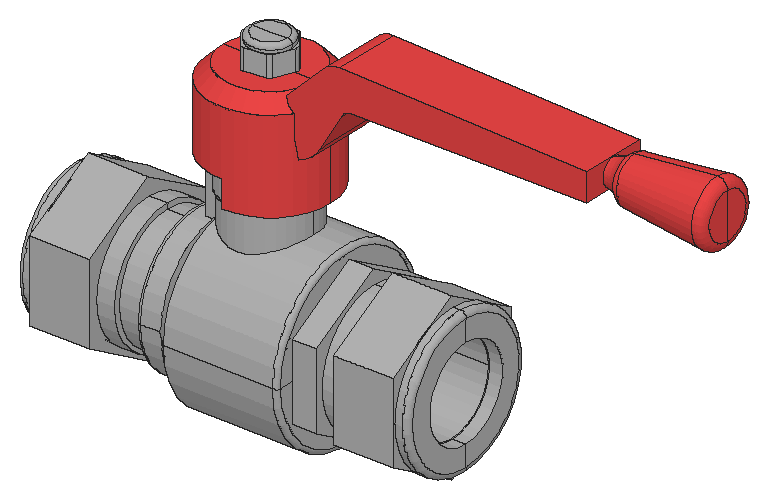
Revit family "QA10500000", category Apparecchi idraulici, Revit 2016
Family settings
  Tipo di parte = Normale
  Quota connettore circolare = Usa diametro
  Numero OmniClass = 23.45.00.00
  Titolo OmniClass = Sanitary, Laundry, and Cleaning Equipment
  Basato su piano di lavoro = No
  Sempre verticale = Sì
  Taglio con vuoti quando caricato = No
  Condiviso = No
  Punto di calcolo locali = No
Parameters
  URL = "https://web.cimberio.it/index.php/figura/198?subcategoria_id=42864"
  DN Model [instance] = QA10505022 : QA10505022
  DN [instance] = 20 mm
Reference planes
  plane 1 "Centro (Fronte/Retro)": y = 0
  plane 2: z = 0
  plane 3 "Centro (Sinistra/Destra)": x = 0
Dimensions and locks
  aligned and locked: level to plane 2
Nested families
  nested 1: "QA10505022" at (0, 0, 0), type <- "DN Model", type "QA10505022"
    with DN 10 mm
  nested 2: "QA10505022" at (0, 0, 0), type <- "DN Model", type "QA10505022"
    with DN 10 mm
  nested 3: "QA10505022" at (0, 0, 0), type <- "DN Model", type "QA10505022"
    with DN 10 mm
  nested 4: "QA10505022" at (0, 0, 0), type <- "DN Model", type "QA10505022"
    with DN 10 mm
  nested 5: "QA10505022" at (0, 0, 0), type <- "DN Model", type "QA10505022"
    with DN 10 mm
  nested 6: "QA10505022" at (0, 0, 0), type <- "DN Model", type "QA10505022"
    with DN 10 mm
  nested 7: "QA10505022" at (0, 0, 0), type <- "DN Model", type "QA10505022"
    with DN 10 mm
  nested 8: "QA10505022" at (0, 0, 0), type <- "DN Model", type "QA10505022"
    with DN 10 mm
  nested 9: "QA10505022" at (0, 0, 0), type <- "DN Model", type "QA10505022"
    with DN 10 mm
Connectors
  piping at (39.798, 0, 0), diameter 20, driven by "DN"
    settings: on nested 1, index 1, connector inside diameter 609.6 mm, connector length 0 mm, flow factor 0, pipe flow 0.0 L/s, pressure drop 0.0 Pa, fitting loss kfactor 0, connector angle 0.00°, fixture units 0, engagement length 0 mm, angle of deflection 0.00°, flow configuration 0, flow direction 0, fitting loss method 0, system type 7, joint type 0, gender type 0, connector reference index -1, connector utility 0, adjustable connector no, is connector primary yes, connector description ""
  piping at (-39.7, 0, 0), diameter 20, driven by "DN"
    settings: on nested 1, index 2, connector inside diameter 609.6 mm, connector length 0 mm, flow factor 0, pipe flow 0.0 L/s, pressure drop 0.0 Pa, fitting loss kfactor 0, connector angle 0.00°, fixture units 0, engagement length 0 mm, angle of deflection 0.00°, flow configuration 0, flow direction 0, fitting loss method 0, system type 7, joint type 0, gender type 0, connector reference index -1, connector utility 0, adjustable connector no, is connector primary no, connector description ""
Definition of nested family "QA10505022"
  Parameters (values of type "QA10505022")
    DN [instance] = 10 mm  # constant formula
  Reference planes
    plane 1 "Centro (Fronte/Retro)": y = 0
    plane 2: z = 0
    plane 3 "Centro (Sinistra/Destra)": x = 0
  Forms (mm)
    Revolve 1, solid
      sketch origin (0, 0, 0) x (1, 0, 0) y (0, 1, 0)
        loop
          line (-16.5, 10) -> (17.1, 10) -> (17.1, 18.5)
          arc (17.1, 18.5) -> (16.807, 19.207) -> (16.1, 19.5) r 1
          line (16.1, 19.5) -> (-7.75, 19.5) -> (-11.25, 16) -> (-15.5, 16)
          arc (-15.5, 16) -> (-16.207, 15.707) -> (-16.5, 15) r 1
          line (-16.5, 15) -> (-16.5, 10)
        axis (-16.5, 0) -> (17.1, 0)
      angle from 0 to 360
    Revolve 2, solid
      sketch origin (0, 0, 4) x (1, 0, 0) y (0, 0, 1)
        loop
          line (0.063, 27.3) -> (0.063, 11.623) -> (9.5, 11.623) -> (9.5, 21)
          arc (9.5, 21) -> (9.863, 21.294) -> (10, 21.742) r 0.8
          line (10, 21.742) -> (10, 27.3) -> (0.063, 27.3)
        axis (0.063, 11.623) -> (0.063, 27.3)
      angle from 0 to 360
    Extrusion 3, solid
      sketch origin (0, 0, 4) x (1, 0, 0) y (0, 0, 1)
        loop
          line (-15, 26.3) -> (-15, 22) -> (-13, 20.845) -> (-13, 10.345) -> (-7.86, 10.345) -> (-7.86, 26.3) -> (-15, 26.3)
      from -1.5 to 1.5
    Revolve 4, solid
      sketch origin (0, 0, 4) x (1, 0, 0) y (0, 0, 1)
        loop
          line (0, 30.531) -> (-6.985, 30.531) -> (-6.985, 27.3) -> (0, 27.3) -> (0, 30.531)
        axis (0, 30.531) -> (0, 27.3)
      angle from 0 to 360
    Revolve 5, solid
      sketch origin (0, 0, 4) x (1, 0, 0) y (0, 0, 1)
        loop
          line (0, 45.8) -> (-10.25, 45.8) -> (-13.25, 42.8) -> (-13.25, 22.8) -> (-7.25, 22.8) -> (-7.25, 38.318) -> (0, 38.318) -> (0, 45.8)
        axis (0, 45.8) -> (0, 22.8)
      angle from 0 to 360
    Revolve 6, solid
      sketch origin (0, 0, 4) x (1, 0, 0) y (0, 0, 1)
        loop
          line (0, 51.8) -> (0, 50.016) -> (4.75, 50.016) -> (4.75, 50.8)
          arc (4.75, 50.8) -> (4.457, 51.507) -> (3.75, 51.8) r 1
          line (3.75, 51.8) -> (0, 51.8)
        axis (0, 51.8) -> (0, 50.016)
      angle from 0 to 360
    Extrusion 7, solid
      sketch origin (0, 0, 32.55) x (0.979214, 0.20283, 0) y (-0.20283, 0.979214, 0)
        loop
          line (5.501, 0.127) -> (3.472, 4.287)
          arc (3.472, 4.287) -> (3.145, 4.663) -> (2.674, 4.825) r 0.962
          line (2.674, 4.825) -> (-1.937, 5.147)
          arc (-1.937, 5.147) -> (-2.461, 5.045) -> (-2.864, 4.695) r 1.032
          line (-2.864, 4.695) -> (-5.424, 0.899)
          arc (-5.424, 0.899) -> (-5.599, 0.392) -> (-5.496, -0.136) r 1.038
          line (-5.496, -0.136) -> (-3.479, -4.272)
          arc (-3.479, -4.272) -> (-3.142, -4.659) -> (-2.657, -4.826) r 0.991
          line (-2.657, -4.826) -> (1.958, -5.149)
          arc (1.958, -5.149) -> (2.463, -5.05) -> (2.852, -4.713) r 0.994
          line (2.852, -4.713) -> (5.429, -0.891)
          arc (5.429, -0.891) -> (5.601, -0.392) -> (5.501, 0.127) r 1.021
      from 17.25 to 21.75
    Extrusion 8, void
      sketch origin (0, 0, 32.55) x (1, 0, 0) y (0, 1, 0)
        loop
          line (-8.5, 0) -> (-14.381, 0)
          arc (-14.381, 0) -> (-10.169, -10.169) -> (0, -14.381) r 14.381
          line (0, -14.381) -> (0, -8.5)
          arc (0, -8.5) -> (-6.01, -6.01) -> (-8.5, 0) r 8.5
      from -6.445 to 0.25
    Extrusion 9, solid
      sketch origin (0, 0, 0) x (1, 0, 0) y (0, 0, 1)
        loop
          line (9.489, 49.789) -> (12.171, 38.235)
          arc (12.171, 38.235) -> (14.899, 39.625) -> (16.907, 41.935) r 8.021
          line (16.907, 41.935) -> (21.6, 50.064)
          arc (21.6, 50.064) -> (22.506, 50.971) -> (23.741, 51.314) r 2.514
          line (23.741, 51.314) -> (75.001, 51.81) -> (75.001, 57.8) -> (21.145, 59.243)
          arc (21.145, 59.243) -> (19.162, 58.888) -> (17.48, 57.78) r 5
          line (17.48, 57.78) -> (9.489, 49.789)
      from -7.293 to 7.293
    Revolve 10, solid
      sketch origin (0, 0, 0) x (1, 0, 0) y (0, 0, 1)
        loop
          line (100, 54.8) -> (100, 59.811)
          arc (100, 59.811) -> (99.338, 61.298) -> (97.791, 61.8) r 2
          line (97.791, 61.8) -> (79.776, 59.883)
          arc (79.776, 59.883) -> (79.119, 59.694) -> (78.564, 59.294) r 1.983
          arc (78.564, 59.294) -> (76.935, 58.184) -> (75.001, 57.8) r 4.936
          line (75.001, 57.8) -> (75.001, 54.8) -> (100, 54.8)
        axis (100, 54.8) -> (75.001, 54.8)
      angle from 0 to 360
    Revolve 11, solid
      sketch origin (0, 0, 0) x (1, 0, 0) y (0, 0, 1)
        loop
          line (-17.5, 13.25) -> (-22.5, 13.25) -> (-22.5, 14.25) -> (-28.583, 14.25) -> (-28.583, 10) -> (-16.5, 10) -> (-16.5, 14.25)
          arc (-16.5, 14.25) -> (-16.793, 13.543) -> (-17.5, 13.25) r 1
        axis (-16.5, 0) -> (-28.583, 0)
      angle from 0 to 360
    Extrusion 12, solid
      sketch origin (-11, 0, 0) x (0, 0, 1) y (0, 1, 0)
        loop
          circle (0, 0) r 10
        loop
          line (18, 0) -> (8.762, 16) -> (-8.762, 16) -> (-18, 0) -> (-8.762, -16) -> (8.762, -16) -> (18, 0)
      from 15.7 to 28.7
    Revolve 13, solid
      sketch origin (0, 0, 0) x (1, 0, 0) y (0, 0, 1)
        loop
          line (-39.7, 15.85) -> (-41.45, 15.85)
          arc (-41.45, 15.85) -> (-42.334, 15.484) -> (-42.7, 14.6) r 1.25
          line (-42.7, 14.6) -> (-42.7, 10) -> (-39.7, 10) -> (-39.7, 15.85)
        axis (-42.7, 0) -> (-39.7, 0)
      angle from 0 to 360
    Extrusion 14, solid
      sketch origin (-11, 0, 0) x (0, 0, 1) y (0, 1, 0)
        loop
          circle (0, 0) r 10
        loop
          line (17.25, 0) -> (8.301, 15.5) -> (-8.301, 15.5) -> (-17.25, 0) -> (-8.301, -15.5) -> (8.301, -15.5) -> (17.25, 0)
      from -33.6 to -28.1
    Extrusion 15, solid
      sketch origin (11.098, 0, 0) x (0, 0, 1) y (0, -1, 0)
        loop
          circle (0, 0) r 10
        loop
          line (18, 0) -> (8.762, 16) -> (-8.762, 16) -> (-18, 0) -> (-8.762, -16) -> (8.762, -16) -> (18, 0)
      from 15.7 to 28.7
    Revolve 16, solid
      sketch origin (0.098, 0, 0) x (-1, 0, 0) y (0, 0, -1)
        loop
          line (-39.7, -15.85) -> (-39.7, -10) -> (-42.7, -10) -> (-42.7, -14.6)
          arc (-42.7, -14.6) -> (-42.334, -15.484) -> (-41.45, -15.85) r 1.25
          line (-41.45, -15.85) -> (-39.7, -15.85)
        axis (-42.7, 0) -> (-39.7, 0)
      angle from 0 to 360
    Revolve 17, solid
      sketch origin (0, 0, 0) x (1, 0, 0) y (0, 0, 1)
        loop
          line (22.6, 14.25) -> (22.6, 10) -> (26.798, 10) -> (26.798, 14.25) -> (22.6, 14.25)
        axis (22.6, 0) -> (26.798, 0)
      angle from 0 to 360
  Cuts and joins
    Extrusion 8 cuts Revolve 5
  Dimensions and locks
    aligned and locked: level to plane 2
